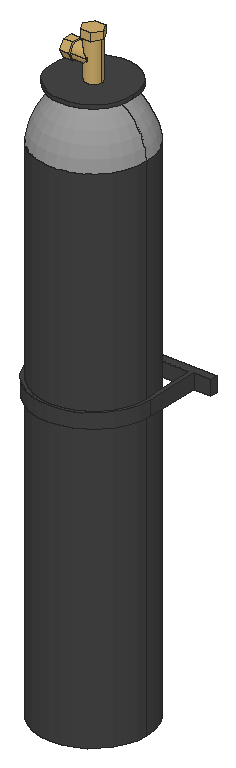
Revit family "Cilindro autonomo CO2_Aguilera Extincion", category Equipos especializados, Revit 2017
Family settings
  Anfitrión = Suelo
  Cota de conector redondo = Radio de uso
  Tipo de pieza = Normal
  Número OmniClass = 23.65.20.14.24
  Título OmniClass = Other Gas Storage Vessels
  Siempre vertical = Sí
  Corte con vacíos al cargar = No
  Compartido = No
  Punto de cálculo de habitación = No
Parameters (values of type "Cilindro autónomo CO2 - 67 l")
  URL = "https://aguilera.es/?productos=botellas-autonomas-de-4-7-a-120-l-para-co2"
  Símbolo texto = yes
  Símbolo = yes
  R3 = R2 * 0.2  # 21.9 mm
  R2 = R * 0.75  # 109.5 mm
  R = Diámetro / 2  # 146 mm
  Modelo = "AEX/CO67A"
  Herraje 2 = no
  Hd = 1600 mm
  H2 = 800 mm
  H1 = 200 mm
  Fabricante = "Aguilera Extinción"  # constant formula
  Descripción = "Cilindro autónomo, fabricado en acero aleado tratado térmicamente sin soldadura, (según instrucción MIE AP7 de aparatos a presión y Directiva Europea 84/525/CEE). Presión de trabajo 60 bar, presión de prueba 250 bar, temperatura de servicio de -20ºC a +50ºC. Grabados y pintados según normativa."  # constant formula
  Diámetro = 292 mm
  H = 1650 mm
  D2 = 402 mm
  Comentarios de tipo = "Equipados con:\r\nVálvula principal AE-100 de 1” fabricada en latón forjado con pistón y eje de acero inoxidable. Provista con disco de seguridad y válvula de alivio para evitar el disparo encaso de fugas.\r\nTubo sifón.\r\nSolenoide de disparo (alimentación 24V y 500mA de consumo).\r\nHerraje de sujeción.\r\nBrida.\r\nCaperuzo protector."  # constant formula
Types (5, lengths in mm): name | R3 | R2 | R | Modelo | Hd | H2 | Diámetro | H | D2
  Cilindro autónomo CO2 - 6.7 l | 14.85 | 74.25 | 99 | "AEX/CO6A" | 700 | 350 | 198 | 750 | 274
  Cilindro autónomo CO2 - 13.4 l | 14.85 | 74.25 | 99 | "AEX/CO13A" | 1100 | 550 | 198 | 1150 | 274
  Cilindro autónomo CO2 - 26.8 l | 19.125 | 95.625 | 127.5 | "AEX/CO26A" | 1000 | 500 | 255 | 1050 | 364
  Cilindro autónomo CO2 - 67 l | 21.9 | 109.5 | 146 | "AEX/CO67A" | 1600 | 800 | 292 | 1650 | 402
  Cilindro autónomo CO2 - 80 l | 21.9 | 109.5 | 146 | "AEX/CO80A" | 1777 | 900 | 292 | 1827 | 402
Reference planes
  plane 1 "Centro (Frontal/Posterior)": y = 0
  plane 2: z = 0
  plane 3 "Centro (Izquierda/Derecha)": x = 0
  plane 4: y = 146
  plane 5: z = 200
  plane 6: z = 800
  plane 7: z = 1395
  plane 8: z = 1533.58
  plane 9: z = 1600
  plane 10: z = 1650
  plane 11: x = -154
  plane 12: x = -146
  plane 13: x = 146
  plane 14: x = -146
  plane 15: x = 146
  plane 16: x = -133.5
  plane 17: x = 158.5
Forms (mm)
  Extrusion 1, solid, material "Acero negro"
    sketch origin (0, 0, 0) x (1, 0, 0) y (0, 1, 0)
      loop
        circle (0, 0) r 146
    from 0 to 1395
  Extrusion 2, solid, material "Brass"
    sketch origin (-745.59, -6000, 1533.58) x (-1, 0, 0) y (0, -1, 0)
      loop
        circle (-745.59, -6000) r 21.9
    from 0 to 116.42
  Extrusion 3, solid, material "Brass", detail levels fine
    sketch origin (-40, 0, 0) x (0, 1, 0) y (0, 0, 1)
      loop
        line (13.01, 1622.534) -> (-13.01, 1622.534) -> (-26.02, 1600) -> (-13.01, 1577.466) -> (13.01, 1577.466) -> (26.02, 1600) -> (13.01, 1622.534)
    from -5 to -30
  Extrusion 4, solid, material "Brass", detail levels fine
    sketch origin (-70, 0, 0) x (0, -1, 0) y (0, 0, 1)
      loop
        circle (0, 1600) r 21.9
    from -70 to -25
  Revolve 5, solid, material "Acero gris"
    sketch origin (0, 0, 0) x (1, 0, 0) y (0, 0, 1)
      loop
        line (-146, 1395) -> (0, 1395) -> (0, 1533.58) -> (-40, 1533.58)
        arc (-40, 1533.58) -> (-112.105, 1478.903) -> (-146, 1395) r 170.221
      axis (0, 1533.58) -> (0, 1395)
    angle from 0 to 360
  Extrusion 6, solid, material "Acero negro", detail levels fine
    sketch origin (-745.59, -6000, 800) x (-1, 0, 0) y (0, -1, 0)
      loop
        line (-544.59, -6166) -> (-544.59, -6146) -> (-590.59, -6146) -> (-590.59, -6000)
        arc (-590.59, -6000) -> (-745.59, -5845) -> (-900.59, -6000) r 155
        line (-900.59, -6000) -> (-900.59, -6146) -> (-946.59, -6146) -> (-946.59, -6166) -> (-544.59, -6166)
      loop
        arc (-599.59, -6000) -> (-745.59, -5854) -> (-891.59, -6000) r 146
        line (-891.59, -6000) -> (-891.59, -6146) -> (-599.59, -6146) -> (-599.59, -6000)
    from 20 to -20
  Extrusion 7, solid, material "Acero negro", visible <- "Herraje 2", detail levels fine
    sketch origin (-745.59, -6000, 200) x (-1, 0, 0) y (0, -1, 0)
      loop
        line (-544.59, -6166) -> (-544.59, -6146) -> (-590.59, -6146) -> (-590.59, -6000)
        arc (-590.59, -6000) -> (-745.59, -5845) -> (-900.59, -6000) r 155
        line (-900.59, -6000) -> (-900.59, -6146) -> (-946.59, -6146) -> (-946.59, -6166) -> (-544.59, -6166)
      loop
        arc (-599.59, -6000) -> (-745.59, -5854) -> (-891.59, -6000) r 146
        line (-891.59, -6000) -> (-891.59, -6146) -> (-599.59, -6146) -> (-599.59, -6000)
    from 20 to -20
  Extrusion 8, solid, material "Brass", detail levels fine
    sketch origin (-745.59, -6000, 1650) x (-1, 0, 0) y (0, -1, 0)
      loop
        line (-731.103, -6024.486) -> (-717.015, -6000.085) -> (-731.103, -5975.683) -> (-759.279, -5975.683) -> (-773.367, -6000.085) -> (-759.279, -6024.486) -> (-731.103, -6024.486)
    from 0 to 20
  Extrusion 9, solid, material "Acero negro", detail levels fine
    sketch origin (-745.59, -6000, 1533.58) x (-1, 0, 0) y (0, -1, 0)
      loop
        circle (-745.59, -5998.341) r 109.5
    from 0 to 10
Lines and regions (mm)
  symbolic lines, style "SpecialityEquipment"
    curve 1: line (0, 186, 0) -> (0, 146, 0)
    curve 2: line (-25, 166, 0) -> (25, 166, 0)
    curve 3: circle (0, 166, 0) r 15 normal (0, 0, 1)
Dimensions and locks
  "H1": plane 5 to plane 2
  "H2": plane 6 to plane 2
  "Hd": plane 9 to plane 2
  "H": plane 10 to plane 2
  locked: plane 11 to plane 3 "Centro (Izquierda/Derecha)" at 154
  equal spacing: plane 12, plane 3 "Centro (Izquierda/Derecha)", plane 13
  "Diámetro": plane 12 to plane 13
  locked: plane 9 to plane 8 at 66.42
  locked: plane 9 to plane 7 at 205
  "R": plane 1 "Centro (Frontal/Posterior)" to plane 4
  equal spacing: plane 14, plane 3 "Centro (Izquierda/Derecha)", plane 15
  "Diámetro": plane 14 to plane 15
  equal spacing: Extrusion 6 sketch curve, plane 3 "Centro (Izquierda/Derecha)", Extrusion 6 sketch curve
  "D2": Extrusion 6 sketch curve to Extrusion 6 sketch curve
  plane 16 to plane 17 = 292 mm
  "Diámetro": plane 16 to plane 17
  Extrusion 7 sketch curve to Extrusion 7 sketch curve = 402 mm
  "D2": Extrusion 7 sketch curve to Extrusion 7 sketch curve
  equal spacing: Extrusion 6, plane 3 "Centro (Izquierda/Derecha)", Extrusion 6
  equal spacing: Extrusion 7, plane 3 "Centro (Izquierda/Derecha)", Extrusion 7
  locked: Extrusion 7 to Extrusion 7 at 9  (x2)
  "Diámetro": diameter of Extrusion 1 sketch curve
  "R2": radius of Extrusion 9 sketch curve
  "R3": radius of Extrusion 2 sketch curve
  "R3": radius of Extrusion 4 sketch curve
  aligned and locked: level to plane 2
  aligned and locked: plane 7 to Extrusion 1
  aligned and locked: plane 10 to Extrusion 2
  aligned and locked: Extrusion 2 to plane 8
  aligned and locked: plane 3 "Centro (Izquierda/Derecha)" to Extrusion 4
  aligned and locked: Revolve 5 sketch curve to plane 3 "Centro (Izquierda/Derecha)"  (x2)
  aligned and locked: Revolve 5 sketch curve to plane 7
  aligned and locked: Extrusion 6 sketch curve to Extrusion 6 sketch curve  (x2)
  aligned and locked: Extrusion 6 sketch curve to plane 4
  aligned and locked: Extrusion 6 sketch curve to plane 15
  aligned and locked: Extrusion 6 sketch curve to plane 14
  aligned and locked: Extrusion 7 sketch curve to Extrusion 7 sketch curve  (x2)
  aligned and locked: Extrusion 7 sketch curve to Extrusion 6  (x3)
  aligned and locked: plane 8 to Revolve 5 sketch curve
Automatic sketch dimensions
  curve 1 to plane 3 "Centro (Izquierda/Derecha)" = 0 mm
  curve 3 to plane 3 "Centro (Izquierda/Derecha)" = 0 mm
  curve 1 to plane 4 = 0 mm
  curve 1 to curve 3 = 20 mm
  curve 2 to plane 3 "Centro (Izquierda/Derecha)" = 25 mm
  plane 3 "Centro (Izquierda/Derecha)" to curve 2 = 25 mm
  plane 4 to curve 2 = 20 mm
  curve 3 to curve 1 = 20 mm
  Extrusion 3 sketch curve to plane 9 = 0 mm  (x2)
  plane 1 "Centro (Frontal/Posterior)" to Extrusion 3 sketch curve = 26.02 mm
  plane 1 "Centro (Frontal/Posterior)" to Extrusion 3 sketch curve = 13.01 mm  (x2)
  Extrusion 3 sketch curve to plane 1 "Centro (Frontal/Posterior)" = 13.01 mm  (x2)
  Extrusion 3 sketch curve to Extrusion 3 sketch curve = 13.01 mm
  Extrusion 3 sketch curve to plane 9 = 22.534 mm
  plane 9 to Extrusion 3 sketch curve = 22.534 mm
  Extrusion 8 sketch curve to plane 1 "Centro (Frontal/Posterior)" = 0.085 mm  (x2)
  plane 3 "Centro (Izquierda/Derecha)" to Extrusion 8 sketch curve = 27.777 mm
  plane 3 "Centro (Izquierda/Derecha)" to Extrusion 8 sketch curve = 13.689 mm  (x2)
  Extrusion 8 sketch curve to plane 3 "Centro (Izquierda/Derecha)" = 14.487 mm  (x2)
  Extrusion 8 sketch curve to Extrusion 8 sketch curve = 14.088 mm
  Extrusion 8 sketch curve to plane 1 "Centro (Frontal/Posterior)" = 24.486 mm
  plane 1 "Centro (Frontal/Posterior)" to Extrusion 8 sketch curve = 24.317 mm
  plane 1 "Centro (Frontal/Posterior)" to Extrusion 1 sketch curve = 0 mm
  Extrusion 1 sketch curve to plane 3 "Centro (Izquierda/Derecha)" = 0 mm
  plane 1 "Centro (Frontal/Posterior)" to Extrusion 2 sketch curve = 0 mm
  Extrusion 2 sketch curve to plane 3 "Centro (Izquierda/Derecha)" = 0 mm
  Extrusion 4 sketch curve to Extrusion 3 = 22.534 mm  (x2)
  plane 12 to Revolve 5 sketch curve = 0 mm
  Revolve 5 sketch curve to plane 3 "Centro (Izquierda/Derecha)" = 40 mm
  Revolve 5 sketch curve to plane 7 = 19.514 mm
  Revolve 5 sketch curve to Revolve 5 sketch curve = 1.762 mm
  plane 10 to Revolve 5 sketch curve = 47 mm
  Extrusion 6 sketch curve to Extrusion 6 sketch curve = 0 mm  (x2)
  plane 1 "Centro (Frontal/Posterior)" to Extrusion 6 sketch curve = 0 mm
  Extrusion 6 sketch curve to plane 15 = 9 mm
  Extrusion 6 sketch curve to Extrusion 6 sketch curve = 20 mm
  Extrusion 7 sketch curve to Extrusion 7 sketch curve = 0 mm  (x2)
  Extrusion 7 sketch curve to plane 4 = 0 mm
  plane 1 "Centro (Frontal/Posterior)" to Extrusion 7 sketch curve = 0 mm
  plane 17 to Extrusion 7 sketch curve = 3.5 mm
  Extrusion 7 sketch curve to Extrusion 7 sketch curve = 20 mm
  Extrusion 9 sketch curve to plane 3 "Centro (Izquierda/Derecha)" = 0 mm
  plane 1 "Centro (Frontal/Posterior)" to Extrusion 9 sketch curve = 1.659 mm
  radius of curve 3 = 15 mm
Nested families
  nested 1: "S_Cilindro_Aguilera Extinción" at (0, 0, 0), visible <- "Símbolo", type "S_Cilindro_Aguilera Extinción", detail levels coarse
Definition of nested family "S_Cilindro_Aguilera Extinción"
  Parameters (values of type "S_Cilindro_Aguilera Extinción")
    Texto símbolo = "Cilindros"
    Texto modelo = yes
    Modelo = "Cilindros"
  Reference planes
    plane 1: y = 0
    plane 2: x = 0
  Lines and regions (mm)
    detail lines
      curve 1: line (-1.703, -1.659, 0) -> (1.659, -1.659, 0)
      curve 2: line (-1.703, 1.659, 0) -> (-1.703, -1.659, 0)
      curve 3: line (1.659, 1.659, 0) -> (-1.703, 1.659, 0)
      curve 4: line (1.659, -1.659, 0) -> (1.659, 1.659, 0)
      curve 5: circle (0, 0, 0) r 1.659 normal (0, 0, 1)
  Text (mm)
    label "Texto símbolo" at (-0.164, 3.111, 0), shows "Texto símbolo"
    label "Modelo" at (-0.164, -2.652, 0), shows "Modelo", visible <- "Texto modelo"
